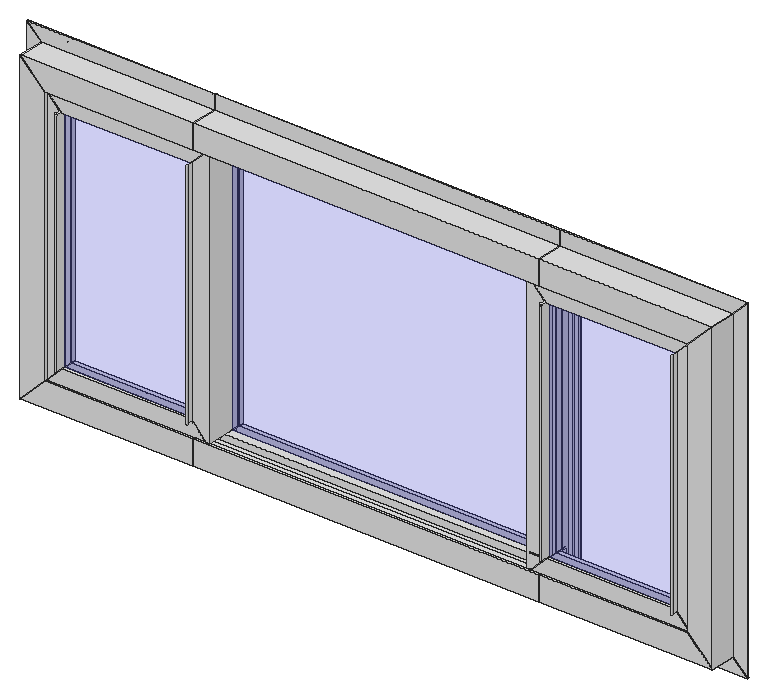
Revit family "591_XOX_nailfin", category Windows, host Wall, Revit 2016 (continued)
Automatic sketch dimensions
  Extrusion 17 sketch curve to Extrusion 17 sketch curve = 0.9995"
  plane 5 "Sill" to Extrusion 17 sketch curve = 0.35"
  Extrusion 17 sketch curve to plane 19 = 1/2"
  Extrusion 17 sketch curve to plane 17 = 0.501"
  plane 11 "BSL" to Extrusion 18 sketch curve = 0"
  plane 13 to Extrusion 18 sketch curve = 0.0845"
  Extrusion 18 sketch curve to plane 17 = 0.501"
  Extrusion 18 sketch curve to plane 13 = 1.1245"
  Extrusion 18 sketch curve to plane 11 "BSL" = 3/8"
  Extrusion 18 sketch curve to plane 19 = 1/2"
  plane 5 "Sill" to Extrusion 18 sketch curve = 1.13674"
  plane 15 to Extrusion 19 sketch curve = 1.71914"
  Extrusion 19 sketch curve to plane 4 "Right" = 1 3/4"
  plane 5 "Sill" to Extrusion 19 sketch curve = 1 3/4"
  Extrusion 19 sketch curve to plane 17 = 1.67764"
  plane 15 to Extrusion 20 sketch curve = 1.36559"
  Extrusion 20 sketch curve to plane 4 "Right" = 2.75984"
  plane 5 "Sill" to Extrusion 20 sketch curve = 2.73984"
  Extrusion 20 sketch curve to plane 17 = 1.34409"
  plane 15 to Extrusion 21 sketch curve = 2.00422"
  Extrusion 21 sketch curve to plane 4 "Right" = 1.84924"
  plane 16 to Extrusion 21 sketch curve = 2.00272"
  Extrusion 21 sketch curve to plane 6 "Head" = 1.84924"
  plane 15 to Extrusion 22 sketch curve = 1.36559"
  Extrusion 22 sketch curve to plane 4 "Right" = 1 1/2"
  plane 16 to Extrusion 22 sketch curve = 1.36409"
  Extrusion 22 sketch curve to plane 6 "Head" = 1 1/2"
  plane 3 "Left" to Extrusion 23 sketch curve = 2"
  Extrusion 23 sketch curve to plane 14 = 1.54136"
  plane 5 "Sill" to Extrusion 23 sketch curve = 2"
  Extrusion 23 sketch curve to plane 17 = 1.50086"
  plane 3 "Left" to Extrusion 24 sketch curve = 2.49016"
  Extrusion 24 sketch curve to plane 14 = 1.89492"
  plane 5 "Sill" to Extrusion 24 sketch curve = 2.49016"
  Extrusion 24 sketch curve to plane 17 = 1.85442"
  plane 3 "Left" to Extrusion 25 sketch curve = 1.99016"
  Extrusion 25 sketch curve to plane 14 = 1.71814"
  plane 16 to Extrusion 25 sketch curve = 1.71764"
  Extrusion 25 sketch curve to plane 6 "Head" = 1.99016"
  plane 3 "Left" to Extrusion 26 sketch curve = 2"
  Extrusion 26 sketch curve to plane 14 = 1.71814"
  plane 16 to Extrusion 26 sketch curve = 1.71764"
  Extrusion 26 sketch curve to plane 6 "Head" = 2"
  curve 33 to curve 37 = 1 1/2"
  curve 38 to plane 2 "Center (Left/Right)" = 0.29058"
  curve 41 to plane 2 "Center (Left/Right)" = 0"
  curve 39 to plane 2 "Center (Left/Right)" = 0"
  curve 41 to curve 40 = 0"
  curve 41 to curve 41 = 2 1/2"
  curve 40 to curve 39 = 2 1/2"
  curve 40 to curve 39 = 0"
  curve 47 to plane 14 = 2.15381"
  plane 15 to curve 44 = 2.44676"
  curve 48 to curve 52 = 2 1/2"
  curve 53 to curve 48 = 2"
  curve 56 to curve 55 = 0"
  Extrusion 5 sketch curve to plane 17 = 0.501"
  Extrusion 5 sketch curve to Extrusion 5 sketch curve = 0.4135"
  plane 16 to Extrusion 6 sketch curve = 0"
  Extrusion 7 sketch curve to plane 20 "Front of glass" = 0"
  Extrusion 7 sketch curve to plane 19 = 1/2"
  Extrusion 8 sketch curve to plane 20 "Front of glass" = 0"
  plane 18 to Extrusion 8 sketch curve = 0.46276"
  host wall to Extrusion 8 sketch curve = 0.25249"
  Extrusion 1 sketch curve to Extrusion 1 sketch curve = 0.2425"
  Extrusion 45 sketch curve to Extrusion 45 sketch curve = 0.744"
  plane 20 "Front of glass" to Extrusion 4 sketch curve = 0"
  Extrusion 4 sketch curve to plane 20 "Front of glass" = 0.0395"
  Extrusion 4 sketch curve to plane 20 "Front of glass" = 0.40341"
  Extrusion 4 sketch curve to Extrusion 4 sketch curve = 0.01009"
  plane 20 "Front of glass" to Extrusion 4 sketch curve = 0.2065"
  Extrusion 4 sketch curve to Extrusion 4 sketch curve = 0.1"
  host wall to Extrusion 4 sketch curve = 0.2525"
  host wall to Extrusion 4 sketch curve = 0.19"
  host wall to Extrusion 4 sketch curve = 0.09"
  Extrusion 4 sketch curve to host wall = 0.36"
  plane 10 "BSR" to Extrusion 4 sketch curve = 0.313"
  Extrusion 4 sketch curve to Extrusion 4 sketch curve = 0.474"
  Extrusion 4 sketch curve to Extrusion 4 sketch curve = 0.0395"
  Extrusion 4 sketch curve to Extrusion 4 sketch curve = 0.744"
  Extrusion 4 sketch curve to Extrusion 4 sketch curve = 0.2425"
  Extrusion 4 sketch curve to Extrusion 4 sketch curve = 0.37545"
  Extrusion 4 sketch curve to Extrusion 4 sketch curve = 0.06205"
  Extrusion 4 sketch curve to Extrusion 4 sketch curve = 0"
  Extrusion 4 sketch curve to Extrusion 4 sketch curve = 0.187"
  Extrusion 4 sketch curve to Extrusion 4 sketch curve = 0.415"  (x2)
  Extrusion 4 sketch curve to Extrusion 4 sketch curve = 0.07"
  Extrusion 4 sketch curve to Extrusion 4 sketch curve = 0.02526"  (x2)
  Extrusion 4 sketch curve to Extrusion 4 sketch curve = 0.03287"
  plane 12 to Extrusion 4 sketch curve = 0.126"
  host wall to Extrusion 46 sketch curve = 0.2525"
  Extrusion 46 sketch curve to Extrusion 46 sketch curve = 0.744"
  Extrusion 3 sketch curve to Extrusion 3 sketch curve = 0.744"  (x2)
  host wall to Extrusion 3 sketch curve = 0.2525"
  Extrusion 3 sketch curve to plane 11 "BSL" = 0"
  Extrusion 47 sketch curve to Extrusion 47 sketch curve = 0.744"
  Extrusion 2 sketch curve to Extrusion 2 sketch curve = 0.23839"
  plane 15 to Extrusion 2 sketch curve = 0.0061"
  Extrusion 9 sketch curve to plane 17 = 0.001"
  Extrusion 9 sketch curve to Extrusion 9 sketch curve = 0.744"
  Extrusion 9 sketch curve to Extrusion 9 sketch curve = 0.51934"
  Extrusion 10 sketch curve to Extrusion 10 sketch curve = 0.744"
Types (95): name | MLW | Interior Color | Height | Exterior Color | Width | BSR | BSL
  (no name) | 3 3/8" | White | 24" | White | 54" | 13 1/2" | 13 1/2"
  72x24 | 4 1/2" | none | 24" | none | 72" | 18" | 18"
  108x36 | 6 3/4" | none | 36" | none | 108" | 27" | 27"
  36x12Min | 3" | none | 12" | none | 36" | 12" | 12"
  108x66Max | 6 3/4" | none | 66" | none | 108" | 27" | 27"
  48x24 | 3" | none | 24" | none | 48" | 12" | 12"
  60x30 | 3 3/4" | none | 30" | none | 60" | 15" | 15"
  84x36 | 5 1/4" | none | 36" | none | 84" | 21" | 21"
  96x36 | 6" | none | 36" | none | 96" | 24" | 24"
  36x18 | 3" | none | 18" | none | 36" | 12" | 12"
  36x24 | 3" | none | 24" | none | 36" | 12" | 12"
  42x12 | 3" | none | 12" | none | 42" | 12" | 12"
  42x18 | 3" | none | 18" | none | 42" | 12" | 12"
  42x24 | 3" | none | 24" | none | 42" | 12" | 12"
  42x30 | 3" | none | 30" | none | 42" | 12" | 12"
  48x12 | 3" | none | 12" | none | 48" | 12" | 12"
  48x18 | 3" | none | 18" | none | 48" | 12" | 12"
  48x30 | 3" | none | 30" | none | 48" | 12" | 12"
  48x36 | 3" | none | 36" | none | 48" | 12" | 12"
  48x42 | 3" | none | 42" | none | 48" | 12" | 12"
  54x48 | 3 3/8" | none | 48" | none | 54" | 13 1/2" | 13 1/2"
  54x18 | 3 3/8" | none | 18" | none | 54" | 13 1/2" | 13 1/2"
  54x24 | 3 3/8" | White | 24" | White | 54" | 13 1/2" | 13 1/2"
  54x30 | 3 3/8" | none | 30" | none | 54" | 13 1/2" | 13 1/2"
  54x36 | 3 3/8" | none | 36" | none | 54" | 13 1/2" | 13 1/2"
  54x42 | 3 3/8" | none | 42" | none | 54" | 13 1/2" | 13 1/2"
  54x54 | 3 3/8" | none | 54" | none | 54" | 13 1/2" | 13 1/2"
  54x60 | 3 3/8" | none | 60" | none | 54" | 13 1/2" | 13 1/2"
  48x48 | 3" | none | 48" | none | 48" | 12" | 12"
  60x24 | 3 3/4" | none | 24" | none | 60" | 15" | 15"
  60x18 | 3 3/4" | none | 18" | none | 60" | 15" | 15"
  60x36 | 3 3/4" | none | 36" | none | 60" | 15" | 15"
  60x42 | 3 3/4" | none | 42" | none | 60" | 15" | 15"
  60x48 | 3 3/4" | none | 48" | none | 60" | 15" | 15"
  60x54 | 3 3/4" | none | 54" | none | 60" | 15" | 15"
  60x60 | 3 3/4" | none | 60" | none | 60" | 15" | 15"
  60x66 | 3 3/4" | none | 66" | none | 60" | 15" | 15"
  66x30 | 4 1/8" | none | 30" | none | 66" | 16 1/2" | 16 1/2"
  66x24 | 4 1/8" | none | 24" | none | 66" | 16 1/2" | 16 1/2"
  66x18 | 4 1/8" | none | 18" | none | 66" | 16 1/2" | 16 1/2"
  66x36 | 4 1/8" | none | 36" | none | 66" | 16 1/2" | 16 1/2"
  66x42 | 4 1/8" | none | 42" | none | 66" | 16 1/2" | 16 1/2"
  66x48 | 4 1/8" | none | 48" | none | 66" | 16 1/2" | 16 1/2"
  66x54 | 4 1/8" | none | 54" | none | 66" | 16 1/2" | 16 1/2"
  66x60 | 4 1/8" | none | 60" | none | 66" | 16 1/2" | 16 1/2"
  66x66 | 4 1/8" | none | 66" | none | 66" | 16 1/2" | 16 1/2"
  72x30 | 4 1/2" | none | 30" | none | 72" | 18" | 18"
  72x36 | 4 1/2" | none | 36" | none | 72" | 18" | 18"
  72x42 | 4 1/2" | none | 42" | none | 72" | 18" | 18"
  72x48 | 4 1/2" | none | 48" | none | 72" | 18" | 18"
  72x54 | 4 1/2" | none | 54" | none | 72" | 18" | 18"
  72x60 | 4 1/2" | none | 60" | none | 72" | 18" | 18"
  72x66 | 4 1/2" | none | 66" | none | 72" | 18" | 18"
  78x24 | 4 7/8" | none | 24" | none | 78" | 19 1/2" | 19 1/2"
  78x30 | 4 7/8" | none | 30" | none | 78" | 19 1/2" | 19 1/2"
  78x36 | 4 7/8" | none | 36" | none | 78" | 19 1/2" | 19 1/2"
  78x42 | 4 7/8" | none | 42" | none | 78" | 19 1/2" | 19 1/2"
  78x48 | 4 7/8" | none | 48" | none | 78" | 19 1/2" | 19 1/2"
  78x54 | 4 7/8" | none | 54" | none | 78" | 19 1/2" | 19 1/2"
  78x60 | 4 7/8" | none | 60" | none | 78" | 19 1/2" | 19 1/2"
  78x66 | 4 7/8" | none | 66" | none | 78" | 19 1/2" | 19 1/2"
  84x24 | 5 1/4" | none | 24" | none | 84" | 21" | 21"
  84x30 | 5 1/4" | none | 30" | none | 84" | 21" | 21"
  84x42 | 5 1/4" | none | 42" | none | 84" | 21" | 21"
  84x48 | 5 1/4" | none | 48" | none | 84" | 21" | 21"
  84x54 | 5 1/4" | none | 54" | none | 84" | 21" | 21"
  84x60 | 5 1/4" | none | 60" | none | 84" | 21" | 21"
  84x66 | 5 1/4" | none | 66" | none | 84" | 21" | 21"
  90x24 | 5 5/8" | none | 24" | none | 90" | 22 1/2" | 22 1/2"
  90x30 | 5 5/8" | none | 30" | none | 90" | 22 1/2" | 22 1/2"
  90x36 | 5 5/8" | none | 36" | none | 90" | 22 1/2" | 22 1/2"
  90x42 | 5 5/8" | none | 42" | none | 90" | 22 1/2" | 22 1/2"
  90x48 | 5 5/8" | none | 48" | none | 90" | 22 1/2" | 22 1/2"
  90x54 | 5 5/8" | none | 54" | none | 90" | 22 1/2" | 22 1/2"
  90x60 | 5 5/8" | none | 60" | none | 90" | 22 1/2" | 22 1/2"
  90x66 | 5 5/8" | none | 66" | none | 90" | 22 1/2" | 22 1/2"
  96x30 | 6" | none | 30" | none | 96" | 24" | 24"
  96x24 | 6" | none | 24" | none | 96" | 24" | 24"
  96x42 | 6" | none | 42" | none | 96" | 24" | 24"
  96x48 | 6" | none | 48" | none | 96" | 24" | 24"
  96x54 | 6" | none | 54" | none | 96" | 24" | 24"
  96x60 | 6" | none | 60" | none | 96" | 24" | 24"
  96x66 | 6" | none | 66" | none | 96" | 24" | 24"
  102x30 | 6 3/8" | none | 30" | none | 102" | 25 1/2" | 25 1/2"
  102x36 | 6 3/8" | none | 36" | none | 102" | 25 1/2" | 25 1/2"
  102x42 | 6 3/8" | none | 42" | none | 102" | 25 1/2" | 25 1/2"
  102x48 | 6 3/8" | none | 48" | none | 102" | 25 1/2" | 25 1/2"
  102x54 | 6 3/8" | none | 54" | none | 102" | 25 1/2" | 25 1/2"
  102x60 | 6 3/8" | none | 60" | none | 102" | 25 1/2" | 25 1/2"
  102x66 | 6 3/8" | none | 66" | none | 102" | 25 1/2" | 25 1/2"
  108x30 | 6 3/4" | none | 30" | none | 108" | 27" | 27"
  108x42 | 6 3/4" | none | 42" | none | 108" | 27" | 27"
  108x48 | 6 3/4" | none | 48" | none | 108" | 27" | 27"
  108x54 | 6 3/4" | none | 54" | none | 108" | 27" | 27"
  108x60 | 6 3/4" | none | 60" | none | 108" | 27" | 27"
